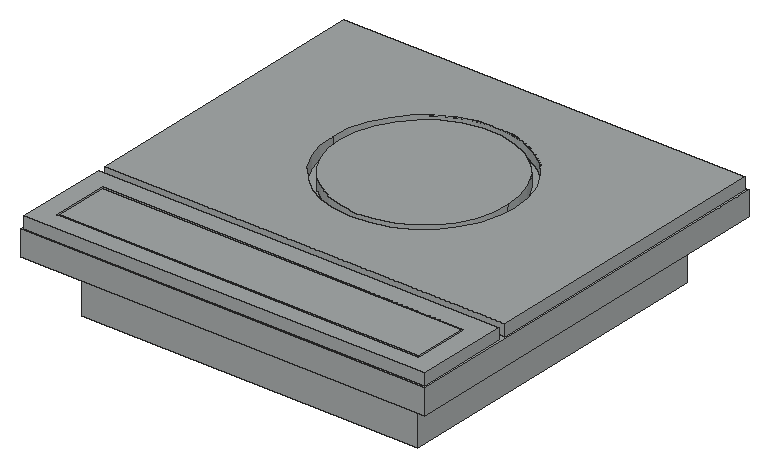
Revit family "Gira_5565926", category Electrical Fixtures, host Face, Revit 2017
Family settings
  Host = Face
  Maintain Annotation Orientation = Yes
  Round Connector Dimension = Use Diameter
  Part Type = Normal
  Cut with Voids When Loaded = No
  Shared = No
  Room Calculation Point = No
Parameters (values of type "Door st.mod. System 106 alum.")
  Width = "0.1065"
  URL = "http://katalog.gira.de/en/datenblatt.html?artikelnr=5565926"
  Number of bell buttons = "1"
  Name = "Door st.mod. System 106 alum."
  Model = "Sys106_Abdeckung_Schalten und Tasten"
  Manufacturer URL = "https://www.gira.de/"
  Manufacturer = "Gira"
  Installation technique = "Bus system"
  HeinzeBIM = "https://bimportal.heinze.de/bim/door-st-mod-system-106-alum-/a0bb4cf9113a3b990af83d74d7fb6c0700222371"
  Height = "0.1065"
  HAN = "5565926"
  GTIN = "4010337022473"
  Edelstahl [instance] = Edelstahl
  Description = "Door st.mod. S106 AL,System 106 door station module,,Aluminium,The Gira System 106 is an installation system made of metal in a puristic and elegant frameless design, based on basic measurements of 106.5 × 106.5 mm. With the modular door intercom in Gira System 106, hospitality begins even before you reach the front door. All the functions are presented in a harmonious overall appearance, from the call button module, intercom module, and camera module, up to the info and blank module. In the dark, backlit call buttons with inscription space ensure good legibility and an attractive appearance.,,Individually adaptable modular system, The System 106 can be used in family homes or apartment buildings, as well as in office buildings, industrial properties, and hotels. The modular design enables the system's size, design, and functionality to be individually adapted to the respective requirements. Expansions and changes are possible at any time by easily exchanging the modules.,With this system, it is also possible to exchange the fronts only. This means that the appearance of the system can be changed from e.g. traffic white to a stainless steel surface at a later stage, without having to exchange the electronic units.,,High-quality materials,The modules are frameless with design fronts made of genuine materials, available in two brushed stainless steel versions (V2A and V4A), anodised aluminium C-0, and a metal alloy lacquered in traffic white (RAL 9016): all robust materials which ensure durability. The camera and DIN 18040 display module feature a black glass cover.,,Easy and phased installation,The system can be installed in phases, in parallel to the progress of building work. In this way, it is possible to initially install only the lower part of a surface-mounted housing during construction of the shell; cables and modules can then be added when they are needed.,,Individual inscription options,Call button modules and info modules can be labelled individually via the Gira inscription service.,,Features:,- Compact intercom module with integrated call button for communication between indoors and outdoors.,- A high-quality microphone and weather-resistant speaker ensure clear communication.,- Power supply via 2-wire bus. Additional connector for AS (e.g. required for three or more camera modules).,- All other System 106 modules (except intercom module) are supplied with power via the door station module.,,Notes :,- Professional labelling with the Gira Inscription Service www.marking.gira.com."
  Default Elevation = 1219.2 mm
  Data sheet (1) = "https://katalog.gira.de/en/download.html?artikelnr=5565926"
  Colour = "Silver"
  Category = "Functional module for door communication"
  BIM (1) = "https://media.stage.bim.site/public/gira/36a6b08/Sys106_Abdeckung_Schalten und Tasten.rfa?public/gira/36a6b08/Sys106_Abdeckung_Schalten und Tasten.rfa"
  Available = "No"
Reference planes
  plane 1 "Center (Front/Back)": y = 0
  plane 2 "Reference Level 0": z = 0
  plane 3 "Center (Left/Right)": x = 0
  plane 4 "Reference Level 1": z = 9.5
Forms (mm)
  Extrusion 1, solid, material "Edelstahl" <- "Edelstahl", detail levels coarse
    sketch origin (0, 0, 0) x (1, 0, 0) y (0, 1, 0)
      loop
        line (-53, 53) -> (-53, -53) -> (53, -53) -> (53, 53) -> (-53, 53)
    from -14.7 to 9.5
  Extrusion 2, solid, material "Edelstahl" <- "Edelstahl", detail levels fine
    sketch origin (0, 0, 0) x (1, 0, 0) y (0, 1, 0)
      loop
        line (52.5, -28) -> (-52.5, -28) -> (-52.5, -52.5) -> (52.5, -52.5) -> (52.5, -28)
      loop
        line (-47.5, -48) -> (47.5, -48) -> (47.5, -33) -> (-47.5, -33) -> (-47.5, -48)
    from 6.5 to 9.5
  Extrusion 3, solid, material "Edelstahl" <- "Edelstahl", detail levels fine
    sketch origin (0, 0, 0) x (1, 0, 0) y (0, 1, 0)
      loop
        line (-52.5, 52.5) -> (-52.5, -26) -> (52.5, -26) -> (52.5, 52.5) -> (-52.5, 52.5)
      loop
        circle (0, 13) r 24
    from 6.5 to 9.5
  Extrusion 4, solid, material "Edelstahl" <- "Edelstahl", detail levels medium+fine
    sketch origin (0, 0, 0) x (1, 0, 0) y (0, 1, 0)
      loop
        line (-53, 53) -> (-53, -53) -> (53, -53) -> (53, 53) -> (-53, 53)
    from 0 to 6.5
  Extrusion 5, solid, material "Edelstahl" <- "Edelstahl", detail levels fine
    sketch origin (0, 0, 0) x (1, 0, 0) y (0, 1, 0)
      loop
        line (-44, 44) -> (-44, -44) -> (44, -44) -> (44, 44) -> (-44, 44)
    from -14.7 to 0
  Extrusion 6, solid, material "Edelstahl" <- "Edelstahl", detail levels fine
    sketch origin (0, 0, 0) x (1, 0, 0) y (0, 1, 0)
      loop
        circle (0, 13) r 22
    from 6.5 to 9.5
  Extrusion 7, solid, material "Edelstahl" <- "Edelstahl", detail levels fine
    sketch origin (0, 0, 0) x (1, 0, 0) y (0, 1, 0)
      loop
        line (-47, -33.5) -> (-47, -47.5) -> (47, -47.5) -> (47, -33.5) -> (-47, -33.5)
    from 6.5 to 9.5
  Extrusion 8, solid, material "Edelstahl" <- "Edelstahl", detail levels medium
    sketch origin (0, 0, 0) x (1, 0, 0) y (0, 1, 0)
      loop
        line (-52.5, 52.5) -> (-52.5, -26) -> (52.5, -26) -> (52.5, 52.5) -> (-52.5, 52.5)
      loop
        line (-52.5, -28) -> (-52.5, -52.5) -> (52.5, -52.5) -> (52.5, -28) -> (-52.5, -28)
    from 6.5 to 9.5
  Extrusion 9, solid, material "Edelstahl" <- "Edelstahl", detail levels medium
    sketch origin (0, 0, 0) x (1, 0, 0) y (0, 1, 0)
      loop
        circle (0, 13) r 24
      loop
        line (-47.5, -33) -> (-47.5, -48) -> (47.5, -48) -> (47.5, -33) -> (-47.5, -33)
    from 6.5 to 9.5
Dimensions and locks
  aligned and locked: plane 2 "Reference Level 0" to host face
  aligned and locked: level to host face
  aligned and locked: Extrusion 4 to host face
  aligned and locked: Extrusion 4 to level
  aligned and locked: level to Extrusion 5
  aligned and locked: level to Extrusion 4
  aligned and locked: Extrusion 4 to plane 2 "Reference Level 0"
  aligned and locked: plane 2 "Reference Level 0" to Extrusion 5
  aligned and locked: plane 3 "Center (Left/Right)" to nested 1
  aligned and locked: plane 1 "Center (Front/Back)" to nested 1
Nested families
  nested 1: "Schalter" at (0, 0, 0), type "Schalter"
Connectors
  electrical at (0, 0, -14.7)
    settings: on Extrusion 5, index 1, voltage 220 V, apparent load 0 VA, apparent load phase1 0 VA, apparent load phase2 0 VA, apparent load phase3 0 VA, power factor 1, load classification "Other", number of poles 1, system type 30, power factor state 1, is connector primary yes, connector utility no, sub classification motor no, connector description ""
Definition of nested family "Schalter"
  Reference planes
    plane 1: y = 0
    plane 2: x = 0
  Lines and regions (mm)
    detail lines
      curve 1: circle (1.375, 2.778, 0) r 0.8 normal (0, 0, 1)
      curve 2: line (1.021, 2.061, 0) -> (0, 0, 0)
      curve 3: line (0, 0, 0) -> (-0.538, 0.266, 0)
  Dimensions and locks
    curve 2 to curve 2 = 2.3 mm
    curve 3 to curve 2 = 0.6 mm
    radius of curve 1 = 0.8 mm
